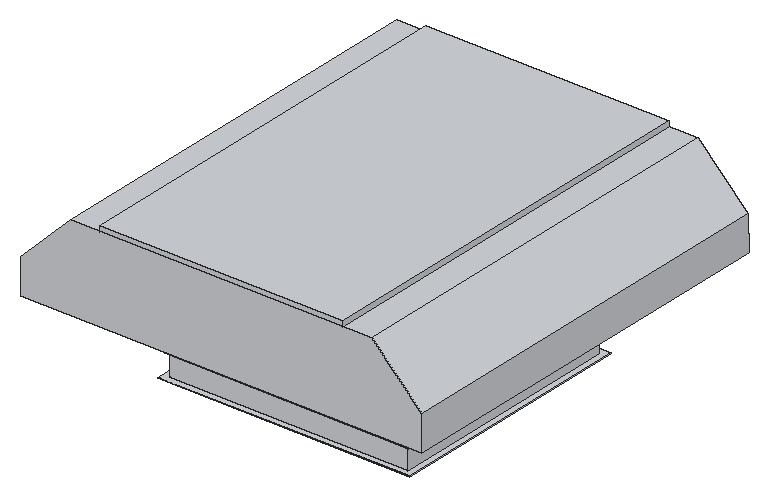
Revit family "HXSM", category Mechanical Equipment, Revit 2019
Family settings
  Round Connector Dimension = Use Diameter
  Part Type = Normal
  Work Plane-Based = No
  Always vertical = Yes
  Cut with Voids When Loaded = No
  Shared = No
  Room Calculation Point = No
Parameters (values of type "60-HXSM")
  Unit Weight [instance] = ""
  Sones [instance] = ""
  RO/2 = RO / 2  # 33 3/4"
  Motor RPM [instance] = ""
  Motor Enclosure [instance] = ""
  ModelID [instance] = ""
  LwA [instance] = ""
  W/2 = W / 2  # 59 1/2"
  L/2 = L / 2  # 60 1/2"
  RO = T_SQ - 4 1/2"  # 67 1/2"
  T_SQ/2 = T_SQ / 2  # 36"
  Fan RPM [instance] = ""
  T_SQ = 72"
  W = 119"
  L = 121"
  CURB_HEIGHT [instance] = 9 1/2"
  CURB [instance] = yes
  C/2 = C / 2  # 7 3/8"
  C = 14 3/4"
  Brake Hp [instance] = ""
  B/2 = B / 2  # 1 1/2"
  B-.125" = B - 1/8"  # 2 7/8"
  Accessories [instance] = ""
  A-C = A - C  # 29 3/4"
  B = 3"
  A/2 = A / 2  # 22 1/4"
  A-1.5" = A - 1 1/2"  # 43"
  A = 44 1/2"
  4" = 4"  # constant formula
  2' = 24"
  2" = 2"  # constant formula
  1" = 1"  # constant formula
  0 = 0"  # constant formula
  Voltage [instance] = 0 V
  URL = "www.lorencook.com"
  Type Comments = "Hooded Supply Ventilator Medium-Pressure Steel Propeller Roof Mounted/Belt Drive"  # constant formula
  Static Pressure [instance] = 0.00 in-wg
  Power [instance] = Voltage * Motor FLA * sqrt(if(Phase = 3, 3, 1))  # 0 VA
  Phase [instance] = 0
  Number of Poles [instance] = 1
  Motor Hp [instance] = "0"
  Motor FLA [instance] = 0 A
  Model = "HXSM"  # constant formula
  Manufacturer = "Loren Cook Company"
  CFM [instance] = 0 CFM
  1.5 = 1 1/2"  # constant formula
  ONE EIGTH = 1/8"  # constant formula
  -L/2 = -L / 2  # -60 1/2"
  -(C/2) = -(C / 2)  # -7 3/8"
  -(A/2) = -(A / 2)  # -22 1/4"
  (T_SQ/2)-2" = (T_SQ / 2) - 2"  # 34"
  (T_SQ/2)+.125" = (T_SQ / 2) + 1/8"  # 36 1/8"
  (A-C)/2 = (A - C) / 2  # 14 7/8"
Types (9): name | RO/2 | W/2 | L/2 | RO | T_SQ/2 | T_SQ | W | L | C/2 | C | B/2 | B-.125" | A-C | B | A/2 | A-1.5" | A | -L/2 | -(C/2) | -(A/2) | (T_SQ/2)-2" | (T_SQ/2)+.125" | (A-C)/2
  (no name) | 33 3/4" | 59 1/2" | 60 1/2" | 67 1/2" | 36" | 72" | 119" | 121" | 7 3/8" | 14 3/4" | 1 1/2" | 2 7/8" | 29 3/4" | 3" | 22 1/4" | 43" | 44 1/2" | -60 1/2" | -7 3/8" | -22 1/4" | 34" | 36 1/8" | 14 7/8"
  20-HXSM | 13 3/4" | 26" | 26" | 27 1/2" | 16" | 32" | 52" | 52" | 5" | 10" | 1" | 1 7/8" | 17 1/4" | 2" | 13 5/8" | 25 3/4" | 27 1/4" | -26" | -5" | -13 5/8" | 14" | 16 1/8" | 8 5/8"
  30-HXSM | 18 3/4" | 34 1/2" | 34 1/2" | 37 1/2" | 21" | 42" | 69" | 69" | 5" | 10" | 1 1/2" | 2 7/8" | 20 1/2" | 3" | 15 1/4" | 29" | 30 1/2" | -34 1/2" | -5" | -15 1/4" | 19" | 21 1/8" | 10 1/4"
  36-HXSM | 21 3/4" | 40" | 40" | 43 1/2" | 24" | 48" | 80" | 80" | 5" | 10" | 1 1/2" | 2 7/8" | 23" | 3" | 16 1/2" | 31 1/2" | 33" | -40" | -5" | -16 1/2" | 22" | 24 1/8" | 11 1/2"
  42-HXSM | 24 3/4" | 45" | 45" | 49 1/2" | 27" | 54" | 90" | 90" | 5" | 10" | 1 1/2" | 2 7/8" | 28" | 3" | 19" | 36 1/2" | 38" | -45" | -5" | -19" | 25" | 27 1/8" | 14"
  48-HXSM | 27 3/4" | 45" | 55" | 55 1/2" | 30" | 60" | 90" | 110" | 6 3/4" | 13 1/2" | 1 1/2" | 2 7/8" | 28" | 3" | 20 3/4" | 40" | 41 1/2" | -55" | -6 3/4" | -20 3/4" | 28" | 30 1/8" | 14"
  54-HXSM | 30 3/4" | 54 1/2" | 55 1/2" | 61 1/2" | 33" | 66" | 109" | 111" | 7 3/8" | 14 3/4" | 1 1/2" | 2 7/8" | 29 3/4" | 3" | 22 1/4" | 43" | 44 1/2" | -55 1/2" | -7 3/8" | -22 1/4" | 31" | 33 1/8" | 14 7/8"
  60-HXSM | 33 3/4" | 59 1/2" | 60 1/2" | 67 1/2" | 36" | 72" | 119" | 121" | 7 3/8" | 14 3/4" | 1 1/2" | 2 7/8" | 29 3/4" | 3" | 22 1/4" | 43" | 44 1/2" | -60 1/2" | -7 3/8" | -22 1/4" | 34" | 36 1/8" | 14 7/8"
  24-HXSM | 15 3/4" | 29 1/2" | 29 1/2" | 31 1/2" | 18" | 36" | 59" | 59" | 5" | 10" | 1 1/2" | 2 7/8" | 18 3/4" | 3" | 14 3/8" | 27 1/4" | 28 3/4" | -29 1/2" | -5" | -14 3/8" | 16" | 18 1/8" | 9 3/8"
Reference planes (in)
  plane 1 "Center (Front/Back)": y = 0
  plane 2: z = 0
  plane 3 "Center (Left/Right)": x = 0.40541
Forms (in)
  Extrusion 1, solid
    sketch origin (0, 0, 0) x (1, 0, 0) y (0, 1, 0)
      loop
        line (-35.71959, 36.125) -> (-35.71959, -36.125) -> (36.53041, -36.125) -> (36.53041, 36.125) -> (-35.71959, 36.125)
    from 0 to 3 <- "B"
  Extrusion 2, void
    sketch origin (0, 0, 0) x (1, 0, 0) y (0, 1, 0)
      loop
        line (-35.59459, 36) -> (-35.59459, -36) -> (36.40541, -36) -> (36.40541, 36) -> (-35.59459, 36)
    from 0 to 2.875 <- "B-.125""
  Revolve 3, solid
    sketch origin (0, 0, 0) x (1, 0, 0) y (0, 0, 1)
      loop
        line (0.40541, 3) -> (34.40541, 3)
        arc (34.40541, 3) -> (27.03041, 10.375) -> (34.40541, 17.75) r 7.375
        line (34.40541, 17.75) -> (0.40541, 17.75) -> (0.40541, 3)
      axis (0.40541, 17.75) -> (0.40541, 3)
    angle from 0 to 360
  Extrusion 4, solid
    sketch origin (0, 0, 0) x (1, 0, 0) y (0, 0, 1)
      loop
        line (-59.09459, 17.75) -> (59.90541, 17.75) -> (59.90541, 43) -> (-59.09459, 43) -> (-59.09459, 17.75)
    from -60.5 <- "-L/2" to 60.5 <- "L/2"
  Extrusion 5, solid
    sketch origin (0, 0, 0) x (1, 0, 0) y (0, 0, 1)
      loop
        line (-35.59459, 43) -> (36.40541, 43) -> (36.40541, 44.5) -> (-35.59459, 44.5) -> (-35.59459, 43)
    from 60.5 <- "L/2" to -60.5 <- "-L/2"
  Extrusion 6, void
    sketch origin (0, 0, 0) x (1, 0, 0) y (0, 0, 1)
      loop
        line (45.03041, 43) -> (59.90541, 28.125) -> (59.90541, 43) -> (45.03041, 43)
      loop
        line (-44.21959, 43) -> (-59.09459, 43) -> (-59.09459, 28.125) -> (-44.21959, 43)
    from 60.5 <- "L/2" to -60.5 <- "-L/2"
  Extrusion 7, solid, visible <- "CURB"
    sketch origin (0, 0, 2.875) x (0, 1, 0) y (1, 0, 0)
      loop
        line (33.75, -33.34459) -> (33.75, 34.15541) -> (-33.75, 34.15541) -> (-33.75, -33.34459) -> (33.75, -33.34459)
      loop
        line (-35.25, 35.65541) -> (-35.25, -34.84459) -> (35.25, -34.84459) -> (35.25, 35.65541) -> (-35.25, 35.65541)
    from 0 to 9.5 <- "CURB_HEIGHT"
  Extrusion 8, solid, visible <- "CURB"
    sketch origin (0, 0, -6.625) x (-1, 0, 0) y (0, 1, 0)
      loop
        line (34.84459, -35.25) -> (34.84459, 35.25) -> (-35.65541, 35.25) -> (-35.65541, -35.25) -> (34.84459, -35.25)
      loop
        line (-37.65541, 37.25) -> (-37.65541, -37.25) -> (36.84459, -37.25) -> (36.84459, 37.25) -> (-37.65541, 37.25)
    from 0 to -0.125
Cuts and joins
  Extrusion 2 cuts Extrusion 1
  Extrusion 6 cuts Extrusion 4
  Extrusion 6 cuts Extrusion 5
Dimensions and locks (in)
  "(T_SQ/2)+.125"": Extrusion 1 sketch curve to plane 3 "Center (Left/Right)"
  "(T_SQ/2)+.125"": plane 3 "Center (Left/Right)" to Extrusion 1 sketch curve
  "(T_SQ/2)+.125"": plane 1 "Center (Front/Back)" to Extrusion 1 sketch curve
  "(T_SQ/2)+.125"": Extrusion 1 sketch curve to plane 1 "Center (Front/Back)"
  "T_SQ/2": Extrusion 2 sketch curve to plane 3 "Center (Left/Right)"
  "T_SQ/2": plane 3 "Center (Left/Right)" to Extrusion 2 sketch curve
  "T_SQ/2": plane 1 "Center (Front/Back)" to Extrusion 2 sketch curve
  "T_SQ/2": Extrusion 2 sketch curve to plane 1 "Center (Front/Back)"
  "C": Revolve 3 sketch curve to cut or joined group of Extrusion 1, Extrusion 2
  "(T_SQ/2)-2"": Revolve 3 sketch curve to plane 3 "Center (Left/Right)"
  "0": Revolve 3 sketch curve to plane 3 "Center (Left/Right)"  (x2)
  "0": Revolve 3 sketch curve to cut or joined group of Extrusion 1, Extrusion 2
  "A-1.5"": Extrusion 4 sketch curve to level
  "0": Extrusion 4 sketch curve to Revolve 3
  "W/2": Extrusion 4 sketch curve to plane 3 "Center (Left/Right)"  (x2)
  "0": Extrusion 5 sketch curve to Extrusion 4
  "1.5": Extrusion 5 sketch curve to Extrusion 5 sketch curve
  "T_SQ/2": Extrusion 5 sketch curve to plane 3 "Center (Left/Right)"
  "T_SQ/2": plane 3 "Center (Left/Right)" to Extrusion 5 sketch curve
  "0": Extrusion 6 sketch curve to Extrusion 4  (x3)
  "0": Extrusion 4 to Extrusion 6 sketch curve
  "(A-C)/2": Extrusion 6 sketch curve to Extrusion 6 sketch curve  (x4)
  "1.5": Extrusion 7 sketch curve to Extrusion 7 sketch curve  (x4)
  "RO/2": Extrusion 7 sketch curve to plane 3 "Center (Left/Right)"
  "RO/2": plane 3 "Center (Left/Right)" to Extrusion 7 sketch curve
  "RO/2": plane 1 "Center (Front/Back)" to Extrusion 7 sketch curve
  "RO/2": Extrusion 7 sketch curve to plane 1 "Center (Front/Back)"
  "2"": Extrusion 8 sketch curve to Extrusion 8 sketch curve  (x4)
  "0": Extrusion 7 to Extrusion 8 sketch curve
  "0": Extrusion 8 sketch curve to Extrusion 7  (x3)
Automatic sketch dimensions
  Revolve 3 sketch curve to level = 4"
  Revolve 3 sketch curve to Revolve 3 sketch curve = 0"
Connectors (in)
  hvac at (0.40541, 0, 2.875), driven by "RO", driven by "RO", driven by "CFM"
    settings: on cut or joined group of Extrusion 1, Extrusion 2, index 1, duct flow 0 CFM, flow factor 0, pres drop 0.00 in-wg, loss coef 0, conn angle 0.00°, conn width 67 1/2", conn height 67 1/2", conn diameter 24", duct sys type 1, conn prof type 1, flow config 0, flow direction 2, loss method 0, conn ref index -1, conn util no, is conn primary yes, conn desc ""
  electrical at (0.40541, 0, 2.875)
    settings: on cut or joined group of Extrusion 1, Extrusion 2, index 2, voltage 0 V, apparent load 0 VA, apparent load phase1 0 VA, apparent load phase2 0 VA, apparent load phase3 0 VA, power factor 1, load classification "Other", number of poles 1, system type 30, power factor state 1, is connector primary yes, connector utility no, sub classification motor no, connector description ""
